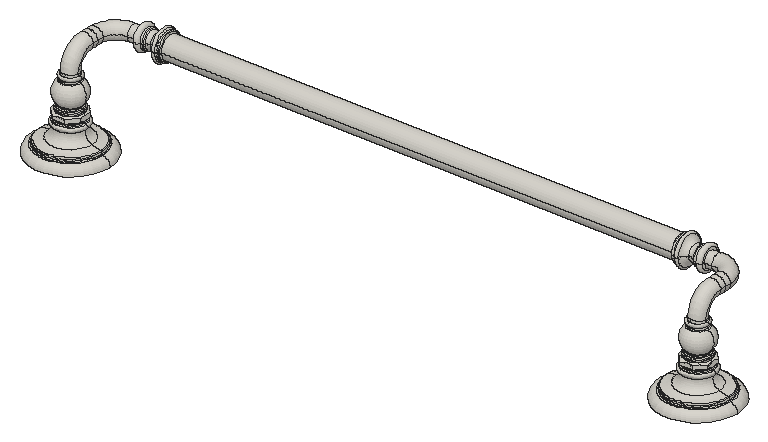
Revit family "Accessory-Towel_Bar-KOHLER-Artifacts-K-72568BR_1", category Specialty Equipment, host Face, Revit 2017
Family settings
  Host = Face
  Round Connector Dimension = Use Diameter
  Part Type = Normal
  OmniClass Number = 23.31.25.25
  OmniClass Title = Towel Bars
  Cut with Voids When Loaded = No
  Shared = No
  Room Calculation Point = No
Parameters (values of type "SN-Vibrant Polished Nickel")
  Width = 24"  # constant formula
  WaterSense Certified = 1 = 0  # no
  URL = "https://br.kohler.com/"
  Type = 1
  Product Page URL = "https://br.kohler.com/product-detail/72568br?skuid=K-72568BR-SN"
  Product Name = "Artifacts"  # constant formula
  Product Documentation Link = ""
  Model = "K-72568BR-SN"  # constant formula
  Material = "Premium Metal Construction"  # constant formula
  Master Format 2014 Name = "Toilet, Bath, and Laundry Accessories"  # constant formula
  Master Format 2014 = "10 28 00"  # constant formula
  Manufacturer Address = "Rio de Janeiro MULTIREPAROS RUA BATISTA DA COSTA, Nº 352 | STORE B Rio de Janeiro SÃO GONÇALO 24450-470"  # constant formula
  Manufacturer = "KOHLER Co."  # constant formula
  Length = 3 1/2"  # constant formula
  Height = 3"  # constant formula
  Finish = Kohler-Metal-SN-Vibrant_Polished_Nickel
  Environmental Product Declaration = ""
  Description = "610mm towel rack"  # constant formula
  Default Elevation = 42"
  Declare Label = ""
  Date Modified = "07/15/2020"  # constant formula
  Date Created = "07/15/2020"  # constant formula
  Copyright = "Copyright KOHLER Co."  # constant formula
  Contact Us = "https://br.kohler.com/asr-listing"
  Assembly Code = "C1030200"
  ADA Compliant = 1 = 0  # no
Reference planes (in)
  plane 1 "Center (Front/Back)": y = 0
  plane 2: z = 0
  plane 3 "Center (Left/Right)": x = 0
  plane 4: y = -1.50093
  plane 5: y = 1.99907
  plane 6: x = -13.50093
  plane 7: x = -12
  plane 8: x = -10.49907
  plane 9: z = 2.91435
  plane 10: z = 0
  plane 11: x = 10.49907
  plane 12: y = 1.49907
  plane 13: y = 2.43316
  plane 14: z = 0.32019
  plane 15: y = 1.41301
  plane 16: y = 1.56497
  plane 17: x = 12
  plane 18: x = 13.50093
  plane 19: z = 3.06591
  plane 20: z = 3.5
  plane 21: z = 4.08565
  plane 22: z = 3.79625
  plane 23: z = 3.20375
  plane 24: y = 2.58512
  plane 25: z = 3.93409
  plane 26: x = -11.7048
  plane 27: x = -12.29529
  plane 28: x = 12.29529
  plane 29: x = 11.7048
  plane 30: y = 2.29533
  plane 31: y = 1.70306
Dimensions and locks (in)
  plane 9 to plane 2 = 2.91435"
  "Width": plane 7 to plane 17
  plane 24 to plane 4 = 4.08605"
  plane 6 to plane 18 = 27.00187"
  "Length": plane 20 to level
  "Height": plane 12 to plane 4
  plane 21 to level = 4.08565"
  aligned and locked: plane 2 to host face
  aligned and locked: level to host face
Automatic sketch dimensions
  host sketch curve to host sketch curve = 96"  (x2)
Nested families (in)
  nested 1: "K-72568BR" at (0, 0, 0), type "K-72568BR"
Definition of nested family "K-72568BR"
  Parameters (values of type "K-72568BR")
    Material = none
  Reference planes (in)
    plane 1 "Center (Front/Back)": y = 0
    plane 2: z = 0
    plane 3 "Center (Left/Right)": x = 0
    plane 4: y = 1.99907
    plane 5: y = -1.50093
    plane 6 "B": x = -12
    plane 7 "C": x = 12
    plane 8 "A": z = 3.5
    plane 9: y = 2.43316
    plane 10: y = 1.56497
    plane 11: y = 2.58512
    plane 12: y = 1.41301
    plane 13: y = 1.70306
    plane 14: y = 2.29533
    plane 15: x = -12.29529
    plane 16: x = -11.7048
    plane 17: x = 11.7048
    plane 18: x = 12.29529
    plane 19: x = -13.50093
    plane 20: x = -10.49907
    plane 21: x = 13.50093
    plane 22: x = 10.49907
    plane 23: z = 3.93409
    plane 24: z = 3.06591
    plane 25: z = 3.79625
    plane 26: z = 3.20375
    plane 27: z = 4.08565
    plane 28: z = 2.91435
    plane 29: y = 1.50093
  Forms (in)
    Revolve 1, solid, material <- "Material", detail levels medium+fine
      sketch origin (0, 0, 0) x (1, 0, 0) y (0, 0, 1)
        loop
          line (-12, 2.71528) -> (-12, 0) -> (-10.49907, 0)
          arc (-10.49907, 0) -> (-10.57054, 0.1994) -> (-10.7524, 0.30799) r 0.31389
          arc (-10.7524, 0.30799) -> (-10.77514, 0.3133) -> (-10.79746, 0.32019) r 0.33281
          arc (-10.79746, 0.32019) -> (-10.81457, 0.33302) -> (-10.82108, 0.35339) r 0.03516
          line (-10.82108, 0.35339) -> (-10.82108, 0.41171)
          arc (-10.82108, 0.41171) -> (-10.8288, 0.43197) -> (-10.84805, 0.44196) r 0.03045
          arc (-10.84805, 0.44196) -> (-11.02743, 0.47459) -> (-11.20101, 0.53036) r 1.39392
          arc (-11.20101, 0.53036) -> (-11.40093, 0.71815) -> (-11.41766, 0.99193) r 0.37177
          arc (-11.41766, 0.99193) -> (-11.40906, 1.00567) -> (-11.39504, 1.0138) r 0.03371
          arc (-11.39504, 1.0138) -> (-11.35097, 1.0821) -> (-11.41237, 1.13536) r 0.06202
          line (-11.41237, 1.13536) -> (-11.45712, 1.13536)
          arc (-11.45712, 1.13536) -> (-11.47922, 1.14452) -> (-11.48837, 1.16661) r 0.03125
          line (-11.48837, 1.16661) -> (-11.48837, 1.2193)
          arc (-11.48837, 1.2193) -> (-11.47622, 1.24925) -> (-11.44663, 1.26225) r 0.04297
          line (-11.44663, 1.26225) -> (-11.35559, 1.32681) -> (-11.35559, 1.40268) -> (-11.50016, 1.48615) -> (-11.53751, 1.48615)
          arc (-11.53751, 1.48615) -> (-11.51654, 1.49483) -> (-11.50786, 1.51579) r 0.02964
          line (-11.50786, 1.51579) -> (-11.50786, 1.5771)
          arc (-11.50786, 1.5771) -> (-11.51697, 1.59909) -> (-11.53896, 1.60819) r 0.0311
          line (-11.53896, 1.60819) -> (-11.57507, 1.60819)
          arc (-11.57507, 1.60819) -> (-11.59717, 1.61735) -> (-11.60632, 1.63944) r 0.03125
          line (-11.60632, 1.63944) -> (-11.60632, 1.68221)
          arc (-11.60632, 1.68221) -> (-11.60079, 1.7072) -> (-11.58523, 1.72752) r 0.05922
          arc (-11.58523, 1.72752) -> (-11.41679, 2.11247) -> (-11.6202, 2.48014) r 0.4743
          arc (-11.6202, 2.48014) -> (-11.63871, 2.50111) -> (-11.64539, 2.52828) r 0.05859
          line (-11.64539, 2.52828) -> (-11.64539, 2.61223)
          arc (-11.64539, 2.61223) -> (-11.6012, 2.66723) -> (-11.65286, 2.71528) r 0.0518
          line (-11.65286, 2.71528) -> (-12, 2.71528)
        axis (-12, 0) -> (-12, 2.71528)
      angle from 0 to 360
    Sweep 2, solid, material <- "Material", detail levels medium+fine
      path origin (0, 0.03576, 3.5) x (0, 1, 0) y (-1, 0, 0)
        loop
          line (1.96331, 10.87008) -> (1.96331, 11.17578)
          arc (1.96331, 11.17578) -> (1.7219, 11.75859) -> (1.13909, 12) r 0.82422
          line (1.13909, 12) -> (0.88909, 12)
      profile origin (-11.02293, 1.99907, 3.5) x (0, -1, 0) y (0, 0, 1)
        loop
          circle (0, 0) r 0.29625
    Revolve 3, solid, material <- "Material", detail levels medium+fine
      sketch origin (0, 0, 3.5) x (0, 1, 0) y (-1, 0, 0)
        loop
          line (1.99907, -10.87008) -> (2.36984, -10.87008)
          arc (2.36984, -10.87008) -> (2.47634, -10.76851) -> (2.37993, -10.65732) r 0.10662
          line (2.37993, -10.65732) -> (2.37993, -10.55096)
          arc (2.37993, -10.55096) -> (2.3751, -10.53201) -> (2.3618, -10.51767) r 0.03963
          arc (2.3618, -10.51767) -> (2.34714, -10.50584) -> (2.33531, -10.49119) r 0.08906
          arc (2.33531, -10.49119) -> (2.2988, -10.3972) -> (2.30242, -10.29642) r 0.24986
          arc (2.30242, -10.29642) -> (2.38658, -10.14924) -> (2.53612, -10.06934) r 0.3064
          arc (2.53612, -10.06934) -> (2.58471, -10.01588) -> (2.54959, -9.95274) r 0.06194
          arc (2.54959, -9.95274) -> (2.52491, -9.93096) -> (2.51573, -9.89935) r 0.05903
          line (2.51573, -9.89935) -> (2.51573, -9.81717)
          arc (2.51573, -9.81717) -> (2.50701, -9.79612) -> (2.48596, -9.7874) r 0.02977
          line (2.48596, -9.7874) -> (2.43316, -9.7874) -> (2.43316, 9.7874) -> (2.48596, 9.7874)
          arc (2.48596, 9.7874) -> (2.50701, 9.79612) -> (2.51573, 9.81717) r 0.02977
          line (2.51573, 9.81717) -> (2.51573, 9.89935)
          arc (2.51573, 9.89935) -> (2.52491, 9.93096) -> (2.54959, 9.95274) r 0.05903
          arc (2.54959, 9.95274) -> (2.58471, 10.01588) -> (2.53612, 10.06934) r 0.06194
          arc (2.53612, 10.06934) -> (2.38658, 10.14924) -> (2.30242, 10.29642) r 0.3064
          arc (2.30242, 10.29642) -> (2.2988, 10.3972) -> (2.33531, 10.49119) r 0.24986
          arc (2.33531, 10.49119) -> (2.34714, 10.50584) -> (2.3618, 10.51767) r 0.08906
          arc (2.3618, 10.51767) -> (2.3751, 10.53201) -> (2.37993, 10.55096) r 0.03963
          line (2.37993, 10.55096) -> (2.37993, 10.65732)
          arc (2.37993, 10.65732) -> (2.47634, 10.76851) -> (2.36984, 10.87008) r 0.10662
          line (2.36984, 10.87008) -> (2.29531, 10.87008) -> (1.99907, 10.87008) -> (1.99907, -10.87008)
        axis (1.99907, 10.87008) -> (1.99907, -10.87008)
      angle from 0 to 360
    Extrusion 4, void
      sketch origin (0, 0, 0) x (1, 0, 0) y (0, 1, 0)
        loop
          line (-12.5625, 0.233) -> (-12.5625, -0.233) -> (-12.233, -0.5625) -> (-11.767, -0.5625) -> (-11.4375, -0.233) -> (-11.4375, 0.233) -> (-11.767, 0.5625) -> (-12.233, 0.5625) -> (-12.5625, 0.233)
        loop
          circle (-12, 0) r 0.8824
      from 1.25114 to 1.48615
    Revolve 5, solid, material <- "Material", detail levels coarse
      sketch origin (0, 0, 0) x (1, 0, 0) y (0, 0, 1)
        loop
          line (-12, 0) -> (-12, 2.71528) -> (-12.60496, 2.71528) -> (-13.50093, 0) -> (-12, 0)
        axis (-12, 0) -> (-12, 2.71528)
      angle from 0 to 360
    Sweep 6, solid, material <- "Material", detail levels medium+fine
      path origin (-12, 0, 0) x (0, 0, -1) y (0, -1, 0)
        loop
          line (-3.5, -0.92485) -> (-3.5, -0.69922)
          arc (-3.5, -0.69922) -> (-3.2952, -0.2048) -> (-2.80078, 0) r 0.69922
          line (-2.80078, 0) -> (-2.71528, 0)
      profile origin (-12, 0, 2.75803) x (-1, 0, 0) y (0, -1, 0)
        loop
          circle (0, 0) r 0.29625
    Sweep 7, solid, material <- "Material", detail levels medium+fine
      path origin (12, 0, 0) x (0, 0, -1) y (0, -1, 0)
        loop
          line (-3.5, -0.92485) -> (-3.5, -0.69922)
          arc (-3.5, -0.69922) -> (-3.2952, -0.2048) -> (-2.80078, 0) r 0.69922
          line (-2.80078, 0) -> (-2.71528, 0)
      profile origin (12, 0, 2.75803) x (-1, 0, 0) y (0, -1, 0)
        loop
          circle (0, 0) r 0.29625
    Sweep 8, solid, material <- "Material", detail levels medium+fine
      path origin (0, 0.03576, 3.5) x (0, 1, 0) y (1, 0, 0)
        loop
          line (1.96331, 10.87008) -> (1.96331, 11.17578)
          arc (1.96331, 11.17578) -> (1.7219, 11.75859) -> (1.13909, 12) r 0.82422
          line (1.13909, 12) -> (0.88909, 12)
      profile origin (11.02293, 1.99907, 3.5) x (0, 1, 0) y (0, 0, 1)
        loop
          circle (0, 0) r 0.29625
    Revolve 9, solid, material <- "Material", detail levels medium+fine
      sketch origin (0, 0, 0) x (-1, 0, 0) y (0, 0, 1)
        loop
          line (-12, 2.71528) -> (-12, 0) -> (-10.49907, 0)
          arc (-10.49907, 0) -> (-10.57054, 0.1994) -> (-10.7524, 0.30799) r 0.31389
          arc (-10.7524, 0.30799) -> (-10.77514, 0.3133) -> (-10.79746, 0.32019) r 0.33281
          arc (-10.79746, 0.32019) -> (-10.81457, 0.33302) -> (-10.82108, 0.35339) r 0.03516
          line (-10.82108, 0.35339) -> (-10.82108, 0.41171)
          arc (-10.82108, 0.41171) -> (-10.8288, 0.43197) -> (-10.84805, 0.44196) r 0.03045
          arc (-10.84805, 0.44196) -> (-11.02743, 0.47459) -> (-11.20101, 0.53036) r 1.39392
          arc (-11.20101, 0.53036) -> (-11.40093, 0.71815) -> (-11.41766, 0.99193) r 0.37177
          arc (-11.41766, 0.99193) -> (-11.40906, 1.00567) -> (-11.39504, 1.0138) r 0.03371
          arc (-11.39504, 1.0138) -> (-11.35097, 1.0821) -> (-11.41237, 1.13536) r 0.06202
          line (-11.41237, 1.13536) -> (-11.45712, 1.13536)
          arc (-11.45712, 1.13536) -> (-11.47922, 1.14452) -> (-11.48837, 1.16661) r 0.03125
          line (-11.48837, 1.16661) -> (-11.48837, 1.2193)
          arc (-11.48837, 1.2193) -> (-11.47622, 1.24925) -> (-11.44663, 1.26225) r 0.04297
          line (-11.44663, 1.26225) -> (-11.35559, 1.32681) -> (-11.35559, 1.40268) -> (-11.50016, 1.48615) -> (-11.53751, 1.48615)
          arc (-11.53751, 1.48615) -> (-11.51654, 1.49483) -> (-11.50786, 1.51579) r 0.02964
          line (-11.50786, 1.51579) -> (-11.50786, 1.5771)
          arc (-11.50786, 1.5771) -> (-11.51697, 1.59909) -> (-11.53896, 1.60819) r 0.0311
          line (-11.53896, 1.60819) -> (-11.57507, 1.60819)
          arc (-11.57507, 1.60819) -> (-11.59717, 1.61735) -> (-11.60632, 1.63944) r 0.03125
          line (-11.60632, 1.63944) -> (-11.60632, 1.68221)
          arc (-11.60632, 1.68221) -> (-11.60079, 1.7072) -> (-11.58523, 1.72752) r 0.05922
          arc (-11.58523, 1.72752) -> (-11.41679, 2.11247) -> (-11.6202, 2.48014) r 0.4743
          arc (-11.6202, 2.48014) -> (-11.63871, 2.50111) -> (-11.64539, 2.52828) r 0.05859
          line (-11.64539, 2.52828) -> (-11.64539, 2.61223)
          arc (-11.64539, 2.61223) -> (-11.6012, 2.66723) -> (-11.65286, 2.71528) r 0.0518
          line (-11.65286, 2.71528) -> (-12, 2.71528)
        axis (-12, 0) -> (-12, 2.71528)
      angle from 0 to 360
    Extrusion 10, void
      sketch origin (0, 0, 0) x (-1, 0, 0) y (0, -1, 0)
        loop
          line (-12.5625, -0.233) -> (-12.233, -0.5625) -> (-11.767, -0.5625) -> (-11.4375, -0.233) -> (-11.4375, 0.233) -> (-11.767, 0.5625) -> (-12.233, 0.5625) -> (-12.5625, 0.233) -> (-12.5625, -0.233)
        loop
          circle (-12, 0) r 0.8824
      from 1.25114 to 1.48615
    Sweep 11, solid, material <- "Material", detail levels coarse
      path origin (0, 0, 0) x (1, 0, 0) y (0, 1, 0)
        loop
          line (12, 0.82355) -> (12, 1.40851)
          arc (12, 1.40851) -> (11.82703, 1.8261) -> (11.40945, 1.99907) r 0.59055
          line (11.40945, 1.99907) -> (-11.40945, 1.99907)
          arc (-11.40945, 1.99907) -> (-11.82703, 1.8261) -> (-12, 1.40851) r 0.59055
          line (-12, 1.40851) -> (-12, 0.82355)
      profile origin (0, 1.99907, 0) x (0, -1, 0) y (0, 0, 1)
        loop
          circle (0, 3.5) r 0.43409
    Sweep 12, solid, material <- "Material", detail levels coarse
      path origin (-12, 0, 0) x (0, 0, -1) y (0, -1, 0)
        loop
          line (-3.5, -0.82355) -> (-3.5, -0.59055)
          arc (-3.5, -0.59055) -> (-3.32703, -0.17297) -> (-2.90945, 0) r 0.59055
          line (-2.90945, 0) -> (-2.71528, 0)
      profile origin (-12, 0.82355, 3.5) x (0, 0, 1) y (-1, 0, 0)
        loop
          circle (0, 0) r 0.43409
    Revolve 13, solid, material <- "Material", detail levels coarse
      sketch origin (0, 0, 0) x (-1, 0, 0) y (0, 0, 1)
        loop
          line (-12, 0) -> (-12, 2.71528) -> (-12.60496, 2.71528) -> (-13.50093, 0) -> (-12, 0)
        axis (-12, 0) -> (-12, 2.71528)
      angle from 0 to 360
    Sweep 14, solid, material <- "Material", detail levels coarse
      path origin (12, 0, 0) x (0, 0, -1) y (0, 1, 0)
        loop
          line (-3.5, 0.82355) -> (-3.5, 0.59055)
          arc (-3.5, 0.59055) -> (-3.32703, 0.17297) -> (-2.90945, 0) r 0.59055
          line (-2.90945, 0) -> (-2.71528, 0)
      profile origin (12, 0.82355, 3.5) x (0, 0, -1) y (1, 0, 0)
        loop
          circle (0, 0) r 0.43409
  Cuts and joins
    Extrusion 10 cuts Revolve 5
    joined: Revolve 5, Sweep 11, Sweep 12, Revolve 13, Sweep 14
    Extrusion 4, Extrusion 10 cuts Revolve 1
    Extrusion 10 cuts Sweep 2
    Extrusion 10 cuts Revolve 3
    Extrusion 10 cuts Sweep 6
    Extrusion 10 cuts Revolve 9
    joined: Revolve 1, Sweep 2, Revolve 3, Sweep 6, Sweep 7, Sweep 8, Revolve 9
  Lines and regions (in)
    Masking region 1
      outline origin (0, 0, 0) x (1, 0, 0) y (0, 0, 1)
        loop
          line (-12, 0) -> (-10.49907, 0)
          arc (-10.49907, 0) -> (-10.57054, 0.1994) -> (-10.7524, 0.30799) r 0.31389
          arc (-10.7524, 0.30799) -> (-10.77514, 0.3133) -> (-10.79746, 0.32019) r 0.33281
          arc (-10.79746, 0.32019) -> (-10.81457, 0.33302) -> (-10.82108, 0.35339) r 0.03516
          line (-10.82108, 0.35339) -> (-10.82108, 0.41171)
          arc (-10.82108, 0.41171) -> (-10.8288, 0.43197) -> (-10.84805, 0.44196) r 0.03045
          arc (-10.84805, 0.44196) -> (-11.02743, 0.47459) -> (-11.20101, 0.53036) r 1.39392
          arc (-11.20101, 0.53036) -> (-11.40093, 0.71815) -> (-11.41766, 0.99193) r 0.37177
          arc (-11.41766, 0.99193) -> (-11.40906, 1.00567) -> (-11.39504, 1.0138) r 0.03371
          arc (-11.39504, 1.0138) -> (-11.35097, 1.0821) -> (-11.41237, 1.13536) r 0.06202
          line (-11.41237, 1.13536) -> (-11.45712, 1.13536)
          arc (-11.45712, 1.13536) -> (-11.47922, 1.14452) -> (-11.48837, 1.16661) r 0.03125
          line (-11.48837, 1.16661) -> (-11.48837, 1.2193)
          arc (-11.48837, 1.2193) -> (-11.48271, 1.24062) -> (-11.46722, 1.25632) r 0.04297
          line (-11.46722, 1.25632) -> (-11.4375, 1.26872) -> (-11.4375, 1.44997) -> (-11.50016, 1.48615) -> (-11.53751, 1.48615)
          arc (-11.53751, 1.48615) -> (-11.51654, 1.49483) -> (-11.50786, 1.51579) r 0.02964
          line (-11.50786, 1.51579) -> (-11.50786, 1.5771)
          arc (-11.50786, 1.5771) -> (-11.51697, 1.59909) -> (-11.53896, 1.60819) r 0.0311
          line (-11.53896, 1.60819) -> (-11.57507, 1.60819)
          arc (-11.57507, 1.60819) -> (-11.59717, 1.61735) -> (-11.60632, 1.63944) r 0.03125
          line (-11.60632, 1.63944) -> (-11.60632, 1.68221)
          arc (-11.60632, 1.68221) -> (-11.60079, 1.7072) -> (-11.58523, 1.72752) r 0.05922
          arc (-11.58523, 1.72752) -> (-11.41679, 2.11247) -> (-11.6202, 2.48014) r 0.4743
          arc (-11.6202, 2.48014) -> (-11.63871, 2.50111) -> (-11.64539, 2.52828) r 0.05859
          line (-11.64539, 2.52828) -> (-11.64539, 2.61223)
          arc (-11.64539, 2.61223) -> (-11.6012, 2.66723) -> (-11.65286, 2.71528) r 0.0518
          line (-11.65286, 2.71528) -> (-11.70375, 2.71528) -> (-11.70375, 3.20375) -> (-10.87008, 3.20375) -> (-10.87008, 3.12923)
          arc (-10.87008, 3.12923) -> (-10.76851, 3.02273) -> (-10.65732, 3.11914) r 0.10662
          line (-10.65732, 3.11914) -> (-10.55096, 3.11914)
          arc (-10.55096, 3.11914) -> (-10.53201, 3.12397) -> (-10.51767, 3.13727) r 0.03963
          arc (-10.51767, 3.13727) -> (-10.50584, 3.15192) -> (-10.49119, 3.16376) r 0.08906
          arc (-10.49119, 3.16376) -> (-10.3972, 3.20027) -> (-10.29642, 3.19665) r 0.24986
          arc (-10.29642, 3.19665) -> (-10.14924, 3.11249) -> (-10.06934, 2.96294) r 0.3064
          arc (-10.06934, 2.96294) -> (-10.01588, 2.91435) -> (-9.95274, 2.94947) r 0.06194
          arc (-9.95274, 2.94947) -> (-9.93096, 2.97416) -> (-9.89935, 2.98333) r 0.05903
          line (-9.89935, 2.98333) -> (-9.81717, 2.98333)
          arc (-9.81717, 2.98333) -> (-9.79612, 2.99205) -> (-9.7874, 3.0131) r 0.02977
          line (-9.7874, 3.0131) -> (-9.7874, 3.06591) -> (9.7874, 3.06591) -> (9.7874, 3.0131)
          arc (9.7874, 3.0131) -> (9.79612, 2.99205) -> (9.81717, 2.98333) r 0.02977
          line (9.81717, 2.98333) -> (9.89935, 2.98333)
          arc (9.89935, 2.98333) -> (9.93096, 2.97416) -> (9.95274, 2.94947) r 0.05903
          arc (9.95274, 2.94947) -> (10.01588, 2.91435) -> (10.06934, 2.96294) r 0.06194
          arc (10.06934, 2.96294) -> (10.14924, 3.11249) -> (10.29642, 3.19665) r 0.3064
          arc (10.29642, 3.19665) -> (10.3972, 3.20027) -> (10.49119, 3.16376) r 0.24986
          arc (10.49119, 3.16376) -> (10.50584, 3.15192) -> (10.51767, 3.13727) r 0.08906
          arc (10.51767, 3.13727) -> (10.53201, 3.12397) -> (10.55096, 3.11914) r 0.03963
          line (10.55096, 3.11914) -> (10.65732, 3.11914)
          arc (10.65732, 3.11914) -> (10.76851, 3.02273) -> (10.87008, 3.12923) r 0.10662
          line (10.87008, 3.12923) -> (10.87008, 3.20375) -> (11.7048, 3.20375) -> (11.7048, 2.71528) -> (11.65286, 2.71528)
          arc (11.65286, 2.71528) -> (11.6012, 2.66723) -> (11.64539, 2.61223) r 0.0518
          line (11.64539, 2.61223) -> (11.64539, 2.52828)
          arc (11.64539, 2.52828) -> (11.63871, 2.50111) -> (11.6202, 2.48014) r 0.05859
          arc (11.6202, 2.48014) -> (11.41679, 2.11247) -> (11.58523, 1.72752) r 0.4743
          arc (11.58523, 1.72752) -> (11.60079, 1.7072) -> (11.60632, 1.68221) r 0.05922
          line (11.60632, 1.68221) -> (11.60632, 1.63944)
          arc (11.60632, 1.63944) -> (11.59717, 1.61735) -> (11.57507, 1.60819) r 0.03125
          line (11.57507, 1.60819) -> (11.53896, 1.60819)
          arc (11.53896, 1.60819) -> (11.51697, 1.59909) -> (11.50786, 1.5771) r 0.0311
          line (11.50786, 1.5771) -> (11.50786, 1.51579)
          arc (11.50786, 1.51579) -> (11.51654, 1.49483) -> (11.53751, 1.48615) r 0.02964
          line (11.53751, 1.48615) -> (11.50016, 1.48615) -> (11.4375, 1.44997) -> (11.4375, 1.26872) -> (11.46722, 1.25632)
          arc (11.46722, 1.25632) -> (11.48271, 1.24062) -> (11.48837, 1.2193) r 0.04297
          line (11.48837, 1.2193) -> (11.48837, 1.16661)
          arc (11.48837, 1.16661) -> (11.47922, 1.14452) -> (11.45712, 1.13536) r 0.03125
          line (11.45712, 1.13536) -> (11.41237, 1.13536)
          arc (11.41237, 1.13536) -> (11.35097, 1.0821) -> (11.39504, 1.0138) r 0.06202
          arc (11.39504, 1.0138) -> (11.40906, 1.00567) -> (11.41766, 0.99193) r 0.03371
          arc (11.41766, 0.99193) -> (11.40093, 0.71815) -> (11.20101, 0.53036) r 0.37177
          arc (11.20101, 0.53036) -> (11.02743, 0.47459) -> (10.84805, 0.44196) r 1.39392
          arc (10.84805, 0.44196) -> (10.8288, 0.43197) -> (10.82108, 0.41171) r 0.03045
          line (10.82108, 0.41171) -> (10.82108, 0.35339)
          arc (10.82108, 0.35339) -> (10.81457, 0.33302) -> (10.79746, 0.32019) r 0.03516
          arc (10.79746, 0.32019) -> (10.77514, 0.3133) -> (10.7524, 0.30799) r 0.33281
          arc (10.7524, 0.30799) -> (10.57054, 0.1994) -> (10.49907, 0) r 0.31389
          line (10.49907, 0) -> (12, 0) -> (13.50093, 0)
          arc (13.50093, 0) -> (13.42946, 0.1994) -> (13.2476, 0.30799) r 0.31389
          arc (13.2476, 0.30799) -> (13.22486, 0.3133) -> (13.20254, 0.32019) r 0.33281
          arc (13.20254, 0.32019) -> (13.18543, 0.33302) -> (13.17892, 0.35339) r 0.03516
          line (13.17892, 0.35339) -> (13.17892, 0.41171)
          arc (13.17892, 0.41171) -> (13.1712, 0.43197) -> (13.15195, 0.44196) r 0.03045
          arc (13.15195, 0.44196) -> (12.97257, 0.47459) -> (12.79899, 0.53036) r 1.39392
          arc (12.79899, 0.53036) -> (12.59907, 0.71815) -> (12.58234, 0.99193) r 0.37177
          arc (12.58234, 0.99193) -> (12.59094, 1.00567) -> (12.60496, 1.0138) r 0.03371
          arc (12.60496, 1.0138) -> (12.64903, 1.0821) -> (12.58763, 1.13536) r 0.06202
          line (12.58763, 1.13536) -> (12.54288, 1.13536)
          arc (12.54288, 1.13536) -> (12.52078, 1.14452) -> (12.51163, 1.16661) r 0.03125
          line (12.51163, 1.16661) -> (12.51163, 1.2193)
          arc (12.51163, 1.2193) -> (12.51729, 1.24062) -> (12.53278, 1.25632) r 0.04297
          line (12.53278, 1.25632) -> (12.5625, 1.26872) -> (12.5625, 1.44997) -> (12.49984, 1.48615) -> (12.46249, 1.48615)
          arc (12.46249, 1.48615) -> (12.48346, 1.49483) -> (12.49214, 1.51579) r 0.02964
          line (12.49214, 1.51579) -> (12.49214, 1.5771)
          arc (12.49214, 1.5771) -> (12.48303, 1.59909) -> (12.46104, 1.60819) r 0.0311
          line (12.46104, 1.60819) -> (12.42493, 1.60819)
          arc (12.42493, 1.60819) -> (12.40283, 1.61735) -> (12.39368, 1.63944) r 0.03125
          line (12.39368, 1.63944) -> (12.39368, 1.68221)
          arc (12.39368, 1.68221) -> (12.39921, 1.7072) -> (12.41477, 1.72752) r 0.05922
          arc (12.41477, 1.72752) -> (12.58321, 2.11247) -> (12.3798, 2.48014) r 0.4743
          arc (12.3798, 2.48014) -> (12.36129, 2.50111) -> (12.35461, 2.52828) r 0.05859
          line (12.35461, 2.52828) -> (12.35461, 2.61223)
          arc (12.35461, 2.61223) -> (12.3988, 2.66723) -> (12.34714, 2.71528) r 0.0518
          line (12.34714, 2.71528) -> (12.29529, 2.71528) -> (12.29529, 3.5)
          arc (12.29529, 3.5) -> (12.20818, 3.70982) -> (11.99808, 3.79625) r 0.29625
          line (11.99808, 3.79625) -> (10.87008, 3.79625) -> (10.87008, 3.87077)
          arc (10.87008, 3.87077) -> (10.76851, 3.97727) -> (10.65732, 3.88086) r 0.10662
          line (10.65732, 3.88086) -> (10.55096, 3.88086)
          arc (10.55096, 3.88086) -> (10.53201, 3.87603) -> (10.51767, 3.86273) r 0.03963
          arc (10.51767, 3.86273) -> (10.50584, 3.84808) -> (10.49119, 3.83624) r 0.08906
          arc (10.49119, 3.83624) -> (10.3972, 3.79973) -> (10.29642, 3.80335) r 0.24986
          arc (10.29642, 3.80335) -> (10.14924, 3.88751) -> (10.06934, 4.03706) r 0.3064
          arc (10.06934, 4.03706) -> (10.01588, 4.08565) -> (9.95274, 4.05053) r 0.06194
          arc (9.95274, 4.05053) -> (9.93096, 4.02584) -> (9.89935, 4.01667) r 0.05903
          line (9.89935, 4.01667) -> (9.81717, 4.01667)
          arc (9.81717, 4.01667) -> (9.79612, 4.00795) -> (9.7874, 3.9869) r 0.02977
          line (9.7874, 3.9869) -> (9.7874, 3.93409) -> (-9.7874, 3.93409) -> (-9.7874, 3.9869)
          arc (-9.7874, 3.9869) -> (-9.79612, 4.00795) -> (-9.81717, 4.01667) r 0.02977
          line (-9.81717, 4.01667) -> (-9.89935, 4.01667)
          arc (-9.89935, 4.01667) -> (-9.93096, 4.02584) -> (-9.95274, 4.05053) r 0.05903
          arc (-9.95274, 4.05053) -> (-10.01588, 4.08565) -> (-10.06934, 4.03706) r 0.06194
          arc (-10.06934, 4.03706) -> (-10.14924, 3.88751) -> (-10.29642, 3.80335) r 0.3064
          arc (-10.29642, 3.80335) -> (-10.3972, 3.79973) -> (-10.49119, 3.83624) r 0.24986
          arc (-10.49119, 3.83624) -> (-10.50584, 3.84808) -> (-10.51767, 3.86273) r 0.08906
          arc (-10.51767, 3.86273) -> (-10.53201, 3.87603) -> (-10.55096, 3.88086) r 0.03963
          line (-10.55096, 3.88086) -> (-10.65732, 3.88086)
          arc (-10.65732, 3.88086) -> (-10.76851, 3.97727) -> (-10.87008, 3.87077) r 0.10662
          line (-10.87008, 3.87077) -> (-10.87008, 3.79625) -> (-11.99904, 3.79625)
          arc (-11.99904, 3.79625) -> (-12.20914, 3.70982) -> (-12.29625, 3.5) r 0.29625
          line (-12.29625, 3.5) -> (-12.29625, 2.71528) -> (-12.34714, 2.71528)
          arc (-12.34714, 2.71528) -> (-12.3988, 2.66723) -> (-12.35461, 2.61223) r 0.0518
          line (-12.35461, 2.61223) -> (-12.35461, 2.52828)
          arc (-12.35461, 2.52828) -> (-12.36129, 2.50111) -> (-12.3798, 2.48014) r 0.05859
          arc (-12.3798, 2.48014) -> (-12.58321, 2.11247) -> (-12.41477, 1.72752) r 0.4743
          arc (-12.41477, 1.72752) -> (-12.39921, 1.7072) -> (-12.39368, 1.68221) r 0.05922
          line (-12.39368, 1.68221) -> (-12.39368, 1.63944)
          arc (-12.39368, 1.63944) -> (-12.40283, 1.61735) -> (-12.42493, 1.60819) r 0.03125
          line (-12.42493, 1.60819) -> (-12.46104, 1.60819)
          arc (-12.46104, 1.60819) -> (-12.48303, 1.59909) -> (-12.49214, 1.5771) r 0.0311
          line (-12.49214, 1.5771) -> (-12.49214, 1.51579)
          arc (-12.49214, 1.51579) -> (-12.48346, 1.49483) -> (-12.46249, 1.48615) r 0.02964
          line (-12.46249, 1.48615) -> (-12.49984, 1.48615) -> (-12.5625, 1.44997) -> (-12.5625, 1.26872) -> (-12.53278, 1.25632)
          arc (-12.53278, 1.25632) -> (-12.51729, 1.24062) -> (-12.51163, 1.2193) r 0.04297
          line (-12.51163, 1.2193) -> (-12.51163, 1.16661)
          arc (-12.51163, 1.16661) -> (-12.52078, 1.14452) -> (-12.54288, 1.13536) r 0.03125
          line (-12.54288, 1.13536) -> (-12.58763, 1.13536)
          arc (-12.58763, 1.13536) -> (-12.64903, 1.0821) -> (-12.60496, 1.0138) r 0.06202
          arc (-12.60496, 1.0138) -> (-12.59094, 1.00567) -> (-12.58234, 0.99193) r 0.03371
          arc (-12.58234, 0.99193) -> (-12.59907, 0.71815) -> (-12.79899, 0.53036) r 0.37177
          arc (-12.79899, 0.53036) -> (-12.97257, 0.47459) -> (-13.15195, 0.44196) r 1.39392
          arc (-13.15195, 0.44196) -> (-13.1712, 0.43197) -> (-13.17892, 0.41171) r 0.03045
          line (-13.17892, 0.41171) -> (-13.17892, 0.35339)
          arc (-13.17892, 0.35339) -> (-13.18543, 0.33302) -> (-13.20254, 0.32019) r 0.03516
          arc (-13.20254, 0.32019) -> (-13.22486, 0.3133) -> (-13.2476, 0.30799) r 0.33281
          arc (-13.2476, 0.30799) -> (-13.42946, 0.1994) -> (-13.50093, 0) r 0.31389
          line (-13.50093, 0) -> (-12, 0)
    Masking region 2
      outline origin (0, 0, 0) x (0, 1, 0) y (0, 0, 1)
        loop
          line (0, 0) -> (1.50093, 0)
          arc (1.50093, 0) -> (1.42946, 0.1994) -> (1.2476, 0.30799) r 0.31389
          arc (1.2476, 0.30799) -> (1.22486, 0.3133) -> (1.20254, 0.32019) r 0.33281
          arc (1.20254, 0.32019) -> (1.18543, 0.33302) -> (1.17892, 0.35339) r 0.03516
          line (1.17892, 0.35339) -> (1.17892, 0.41171)
          arc (1.17892, 0.41171) -> (1.1712, 0.43197) -> (1.15195, 0.44196) r 0.03045
          arc (1.15195, 0.44196) -> (0.97257, 0.47459) -> (0.79899, 0.53036) r 1.39392
          arc (0.79899, 0.53036) -> (0.59907, 0.71815) -> (0.58234, 0.99193) r 0.37177
          arc (0.58234, 0.99193) -> (0.59094, 1.00567) -> (0.60496, 1.0138) r 0.03371
          arc (0.60496, 1.0138) -> (0.64903, 1.0821) -> (0.58763, 1.13536) r 0.06202
          line (0.58763, 1.13536) -> (0.54288, 1.13536)
          arc (0.54288, 1.13536) -> (0.52078, 1.14452) -> (0.51163, 1.16661) r 0.03125
          line (0.51163, 1.16661) -> (0.51163, 1.2193)
          arc (0.51163, 1.2193) -> (0.51671, 1.23957) -> (0.53076, 1.25505) r 0.04297
          line (0.53076, 1.25505) -> (0.5625, 1.26873) -> (0.5625, 1.44997) -> (0.49984, 1.48615) -> (0.46249, 1.48615)
          arc (0.46249, 1.48615) -> (0.48346, 1.49483) -> (0.49214, 1.51579) r 0.02964
          line (0.49214, 1.51579) -> (0.49214, 1.5771)
          arc (0.49214, 1.5771) -> (0.48303, 1.59909) -> (0.46104, 1.60819) r 0.0311
          line (0.46104, 1.60819) -> (0.42493, 1.60819)
          arc (0.42493, 1.60819) -> (0.40283, 1.61735) -> (0.39368, 1.63944) r 0.03125
          line (0.39368, 1.63944) -> (0.39368, 1.68221)
          arc (0.39368, 1.68221) -> (0.39921, 1.7072) -> (0.41477, 1.72752) r 0.05922
          arc (0.41477, 1.72752) -> (0.58321, 2.11247) -> (0.3798, 2.48014) r 0.4743
          arc (0.3798, 2.48014) -> (0.36129, 2.50111) -> (0.35461, 2.52828) r 0.05859
          line (0.35461, 2.52828) -> (0.35461, 2.61223)
          arc (0.35461, 2.61223) -> (0.3988, 2.66723) -> (0.34714, 2.71528) r 0.0518
          line (0.34714, 2.71528) -> (0.29625, 2.71528) -> (0.29625, 2.82558)
          arc (0.29625, 2.82558) -> (0.42429, 3.09453) -> (0.70142, 3.20377) r 0.40613
          line (0.70142, 3.20377) -> (1.49347, 3.20377)
          arc (1.49347, 3.20377) -> (2.58505, 3.5) -> (1.49347, 3.79623) r 0.58599
          line (1.49347, 3.79623) -> (0.70168, 3.79483)
          arc (0.70168, 3.79483) -> (-0.00364, 3.50483) -> (-0.2961, 2.80051) r 0.99432
          line (-0.2961, 2.80051) -> (-0.2961, 2.71528) -> (-0.34714, 2.71528)
          arc (-0.34714, 2.71528) -> (-0.3988, 2.66723) -> (-0.35461, 2.61223) r 0.0518
          line (-0.35461, 2.61223) -> (-0.35461, 2.52828)
          arc (-0.35461, 2.52828) -> (-0.36129, 2.50111) -> (-0.3798, 2.48014) r 0.05859
          arc (-0.3798, 2.48014) -> (-0.58321, 2.11247) -> (-0.41477, 1.72752) r 0.4743
          arc (-0.41477, 1.72752) -> (-0.39921, 1.7072) -> (-0.39368, 1.68221) r 0.05922
          line (-0.39368, 1.68221) -> (-0.39368, 1.63944)
          arc (-0.39368, 1.63944) -> (-0.40283, 1.61735) -> (-0.42493, 1.60819) r 0.03125
          line (-0.42493, 1.60819) -> (-0.46104, 1.60819)
          arc (-0.46104, 1.60819) -> (-0.48303, 1.59909) -> (-0.49214, 1.5771) r 0.0311
          line (-0.49214, 1.5771) -> (-0.49214, 1.51579)
          arc (-0.49214, 1.51579) -> (-0.48346, 1.49483) -> (-0.46249, 1.48615) r 0.02964
          line (-0.46249, 1.48615) -> (-0.49984, 1.48615) -> (-0.5625, 1.44997) -> (-0.5625, 1.26873) -> (-0.53076, 1.25505)
          arc (-0.53076, 1.25505) -> (-0.51671, 1.23957) -> (-0.51163, 1.2193) r 0.04297
          line (-0.51163, 1.2193) -> (-0.51163, 1.16661)
          arc (-0.51163, 1.16661) -> (-0.52078, 1.14452) -> (-0.54288, 1.13536) r 0.03125
          line (-0.54288, 1.13536) -> (-0.58763, 1.13536)
          arc (-0.58763, 1.13536) -> (-0.64903, 1.0821) -> (-0.60496, 1.0138) r 0.06202
          arc (-0.60496, 1.0138) -> (-0.59094, 1.00567) -> (-0.58234, 0.99193) r 0.03371
          arc (-0.58234, 0.99193) -> (-0.59907, 0.71815) -> (-0.79899, 0.53036) r 0.37177
          arc (-0.79899, 0.53036) -> (-0.97257, 0.47459) -> (-1.15195, 0.44196) r 1.39392
          arc (-1.15195, 0.44196) -> (-1.1712, 0.43197) -> (-1.17892, 0.41171) r 0.03045
          line (-1.17892, 0.41171) -> (-1.17892, 0.35339)
          arc (-1.17892, 0.35339) -> (-1.18543, 0.33302) -> (-1.20254, 0.32019) r 0.03516
          arc (-1.20254, 0.32019) -> (-1.22486, 0.3133) -> (-1.2476, 0.30799) r 0.33281
          arc (-1.2476, 0.30799) -> (-1.42946, 0.1994) -> (-1.50093, 0) r 0.31389
          line (-1.50093, 0) -> (0, 0)
    Masking region 3
      outline origin (0, 0, 0) x (1, 0, 0) y (0, 1, 0)
        loop
          line (-10.87008, 2.36984) -> (-10.87008, 2.29533) -> (-11.23211, 2.29533)
          arc (-11.23211, 2.29533) -> (-11.87444, 2.05219) -> (-12.25406, 1.47984) r 1.11993
          arc (-12.25406, 1.47984) -> (-12.06275, -1.49974) -> (-11.62437, 1.45362) r 1.50124
          arc (-11.62437, 1.45362) -> (-11.43172, 1.63653) -> (-11.17453, 1.70306) r 0.53033
          line (-11.17453, 1.70306) -> (-10.87008, 1.70306) -> (-10.87008, 1.62829)
          arc (-10.87008, 1.62829) -> (-10.76851, 1.52179) -> (-10.65732, 1.6182) r 0.10662
          line (-10.65732, 1.6182) -> (-10.55096, 1.6182)
          arc (-10.55096, 1.6182) -> (-10.53201, 1.62303) -> (-10.51767, 1.63633) r 0.03963
          arc (-10.51767, 1.63633) -> (-10.50584, 1.65099) -> (-10.49119, 1.66282) r 0.08906
          arc (-10.49119, 1.66282) -> (-10.3972, 1.69933) -> (-10.29642, 1.69571) r 0.24986
          arc (-10.29642, 1.69571) -> (-10.14924, 1.61155) -> (-10.06934, 1.46201) r 0.3064
          arc (-10.06934, 1.46201) -> (-10.01588, 1.41342) -> (-9.95274, 1.44854) r 0.06194
          arc (-9.95274, 1.44854) -> (-9.93096, 1.47322) -> (-9.89935, 1.4824) r 0.05903
          line (-9.89935, 1.4824) -> (-9.81717, 1.4824)
          arc (-9.81717, 1.4824) -> (-9.79612, 1.49112) -> (-9.7874, 1.51217) r 0.02977
          line (-9.7874, 1.51217) -> (-9.7874, 1.56497) -> (9.7874, 1.56497) -> (9.7874, 1.51217)
          arc (9.7874, 1.51217) -> (9.79612, 1.49112) -> (9.81717, 1.4824) r 0.02977
          line (9.81717, 1.4824) -> (9.89935, 1.4824)
          arc (9.89935, 1.4824) -> (9.93096, 1.47322) -> (9.95274, 1.44854) r 0.05903
          arc (9.95274, 1.44854) -> (10.01588, 1.41342) -> (10.06934, 1.46201) r 0.06194
          arc (10.06934, 1.46201) -> (10.14924, 1.61155) -> (10.29642, 1.69571) r 0.3064
          arc (10.29642, 1.69571) -> (10.3972, 1.69933) -> (10.49119, 1.66282) r 0.24986
          arc (10.49119, 1.66282) -> (10.50584, 1.65099) -> (10.51767, 1.63633) r 0.08906
          arc (10.51767, 1.63633) -> (10.53201, 1.62303) -> (10.55096, 1.6182) r 0.03963
          line (10.55096, 1.6182) -> (10.65732, 1.6182)
          arc (10.65732, 1.6182) -> (10.76851, 1.52179) -> (10.87008, 1.62829) r 0.10662
          line (10.87008, 1.62829) -> (10.87008, 1.70306) -> (11.17449, 1.70306)
          arc (11.17449, 1.70306) -> (11.43189, 1.6364) -> (11.62458, 1.45317) r 0.53028
          arc (11.62458, 1.45317) -> (12.06237, -1.49975) -> (12.25335, 1.47933) r 1.50096
          arc (12.25335, 1.47933) -> (11.85177, 2.06827) -> (11.17607, 2.29528) r 1.11913
          line (11.17607, 2.29528) -> (10.87008, 2.29528) -> (10.87008, 2.36984)
          arc (10.87008, 2.36984) -> (10.76851, 2.47634) -> (10.65732, 2.37993) r 0.10662
          line (10.65732, 2.37993) -> (10.55096, 2.37993)
          arc (10.55096, 2.37993) -> (10.53201, 2.3751) -> (10.51767, 2.3618) r 0.03963
          arc (10.51767, 2.3618) -> (10.50584, 2.34714) -> (10.49119, 2.33531) r 0.08906
          arc (10.49119, 2.33531) -> (10.3972, 2.2988) -> (10.29642, 2.30242) r 0.24986
          arc (10.29642, 2.30242) -> (10.14924, 2.38658) -> (10.06934, 2.53612) r 0.3064
          arc (10.06934, 2.53612) -> (10.01588, 2.58471) -> (9.95274, 2.54959) r 0.06194
          arc (9.95274, 2.54959) -> (9.93096, 2.52491) -> (9.89935, 2.51573) r 0.05903
          line (9.89935, 2.51573) -> (9.81717, 2.51573)
          arc (9.81717, 2.51573) -> (9.79612, 2.50701) -> (9.7874, 2.48596) r 0.02977
          line (9.7874, 2.48596) -> (9.7874, 2.43316) -> (-9.7874, 2.43316) -> (-9.7874, 2.48596)
          arc (-9.7874, 2.48596) -> (-9.79612, 2.50701) -> (-9.81717, 2.51573) r 0.02977
          line (-9.81717, 2.51573) -> (-9.89935, 2.51573)
          arc (-9.89935, 2.51573) -> (-9.93096, 2.52491) -> (-9.95274, 2.54959) r 0.05903
          arc (-9.95274, 2.54959) -> (-10.01588, 2.58471) -> (-10.06934, 2.53612) r 0.06194
          arc (-10.06934, 2.53612) -> (-10.14924, 2.38658) -> (-10.29642, 2.30242) r 0.3064
          arc (-10.29642, 2.30242) -> (-10.3972, 2.2988) -> (-10.49119, 2.33531) r 0.24986
          arc (-10.49119, 2.33531) -> (-10.50584, 2.34714) -> (-10.51767, 2.3618) r 0.08906
          arc (-10.51767, 2.3618) -> (-10.53201, 2.3751) -> (-10.55096, 2.37993) r 0.03963
          line (-10.55096, 2.37993) -> (-10.65732, 2.37993)
          arc (-10.65732, 2.37993) -> (-10.76851, 2.47634) -> (-10.87008, 2.36984) r 0.10662
    symbolic lines, detail levels medium+fine
      curve 1: line (-12.54699, 0, 1.26225) -> (-11.45301, 0, 1.26225)
      curve 2: spline (-11.4375, 0, 1.30159) -> (-11.46441, 0, 1.29159) -> (-11.49161, 0, 1.28338) -> (-11.51906, 0, 1.27698) -> (-11.54669, 0, 1.2724) -> (-11.57444, 0, 1.26964) -> (-11.60225, 0, 1.26872) -> (-11.63006, 0, 1.26964) -> (-11.65781, 0, 1.2724) -> (-11.68544, 0, 1.27698) -> (-11.71289, 0, 1.28338) -> (-11.7401, 0, 1.29159) -> (-11.767, 0, 1.30159)
      curve 3: arc (-11.767, 0, 1.30159) -> (-12, 0, 1.26872) -> (-12.233, 0, 1.30159) r 0.84235
      curve 4: spline (-12.233, 0, 1.30159) -> (-12.2599, 0, 1.29159) -> (-12.28711, 0, 1.28338) -> (-12.31456, 0, 1.27698) -> (-12.34219, 0, 1.2724) -> (-12.36994, 0, 1.26964) -> (-12.39775, 0, 1.26872) -> (-12.42556, 0, 1.26964) -> (-12.45331, 0, 1.2724) -> (-12.48094, 0, 1.27698) -> (-12.50839, 0, 1.28338) -> (-12.53559, 0, 1.29159) -> (-12.5625, 0, 1.30159)
      curve 5: line (-12.5625, 0, 1.30159) -> (-12.5625, 0, 1.26872)
      curve 6: spline (-12.5625, 0, 1.42321) -> (-12.53541, 0, 1.43136) -> (-12.50812, 0, 1.43805) -> (-12.48067, 0, 1.44326) -> (-12.45309, 0, 1.44698) -> (-12.42544, 0, 1.44922) -> (-12.39775, 0, 1.44997) -> (-12.37005, 0, 1.44922) -> (-12.3424, 0, 1.44698) -> (-12.31483, 0, 1.44326) -> (-12.28738, 0, 1.43805) -> (-12.26009, 0, 1.43136) -> (-12.233, 0, 1.42321)
      curve 7: arc (-12.233, 0, 1.42321) -> (-12, 0, 1.44997) -> (-11.767, 0, 1.42321) r 1.0278
      curve 8: spline (-11.767, 0, 1.42321) -> (-11.73991, 0, 1.43136) -> (-11.71262, 0, 1.43805) -> (-11.68517, 0, 1.44326) -> (-11.6576, 0, 1.44698) -> (-11.62995, 0, 1.44922) -> (-11.60225, 0, 1.44997) -> (-11.57456, 0, 1.44922) -> (-11.54691, 0, 1.44698) -> (-11.51933, 0, 1.44326) -> (-11.49188, 0, 1.43805) -> (-11.46459, 0, 1.43136) -> (-11.4375, 0, 1.42321)
      curve 9: line (-12.233, 0, 1.42321) -> (-12.233, 0, 1.30159)
      curve 10: line (-11.767, 0, 1.42321) -> (-11.767, 0, 1.30159)
      curve 11: line (-12.46249, 0, 1.48615) -> (-11.53751, 0, 1.48615)
      curve 12: line (-12.42493, 0, 1.60819) -> (-11.57507, 0, 1.60819)
      curve 13: line (-12.54288, 0, 1.13536) -> (-11.45712, 0, 1.13536)
      curve 14: line (-12.60496, 0, 1.0138) -> (-11.39504, 0, 1.0138)
      curve 15: line (-13.15195, 0, 0.44196) -> (-10.84805, 0, 0.44196)
      curve 16: line (-13.20254, 0, 0.32019) -> (-10.79746, 0, 0.32019)
      curve 17: line (-12.39368, 0, 1.68221) -> (-11.60632, 0, 1.68221)
      curve 18: line (12.54699, 0, 1.26225) -> (11.45301, 0, 1.26225)
      curve 19: spline (11.4375, 0, 1.30159) -> (11.46441, 0, 1.29159) -> (11.49161, 0, 1.28338) -> (11.51906, 0, 1.27698) -> (11.54669, 0, 1.2724) -> (11.57444, 0, 1.26964) -> (11.60225, 0, 1.26872) -> (11.63006, 0, 1.26964) -> (11.65781, 0, 1.2724) -> (11.68544, 0, 1.27698) -> (11.71289, 0, 1.28338) -> (11.7401, 0, 1.29159) -> (11.767, 0, 1.30159)
      curve 20: arc (11.767, 0, 1.30159) -> (12, 0, 1.26872) -> (12.233, 0, 1.30159) r 0.84235
      curve 21: spline (12.233, 0, 1.30159) -> (12.2599, 0, 1.29159) -> (12.28711, 0, 1.28338) -> (12.31456, 0, 1.27698) -> (12.34219, 0, 1.2724) -> (12.36994, 0, 1.26964) -> (12.39775, 0, 1.26872) -> (12.42556, 0, 1.26964) -> (12.45331, 0, 1.2724) -> (12.48094, 0, 1.27698) -> (12.50839, 0, 1.28338) -> (12.53559, 0, 1.29159) -> (12.5625, 0, 1.30159)
      curve 22: line (12.5625, 0, 1.30159) -> (12.5625, 0, 1.26872)
      curve 23: spline (12.5625, 0, 1.42321) -> (12.53541, 0, 1.43136) -> (12.50812, 0, 1.43805) -> (12.48067, 0, 1.44326) -> (12.45309, 0, 1.44698) -> (12.42544, 0, 1.44922) -> (12.39775, 0, 1.44997) -> (12.37005, 0, 1.44922) -> (12.3424, 0, 1.44698) -> (12.31483, 0, 1.44326) -> (12.28738, 0, 1.43805) -> (12.26009, 0, 1.43136) -> (12.233, 0, 1.42321)
      curve 24: arc (12.233, 0, 1.42321) -> (12, 0, 1.44997) -> (11.767, 0, 1.42321) r 1.0278
      curve 25: spline (11.767, 0, 1.42321) -> (11.73991, 0, 1.43136) -> (11.71262, 0, 1.43805) -> (11.68517, 0, 1.44326) -> (11.6576, 0, 1.44698) -> (11.62995, 0, 1.44922) -> (11.60225, 0, 1.44997) -> (11.57456, 0, 1.44922) -> (11.54691, 0, 1.44698) -> (11.51933, 0, 1.44326) -> (11.49188, 0, 1.43805) -> (11.46459, 0, 1.43136) -> (11.4375, 0, 1.42321)
      curve 26: line (12.233, 0, 1.42321) -> (12.233, 0, 1.30159)
      curve 27: line (11.767, 0, 1.42321) -> (11.767, 0, 1.30159)
      curve 28: line (12.46249, 0, 1.48615) -> (11.53751, 0, 1.48615)
      curve 29: line (12.42493, 0, 1.60819) -> (11.57507, 0, 1.60819)
      curve 30: line (12.54288, 0, 1.13536) -> (11.45712, 0, 1.13536)
      curve 31: line (12.60496, 0, 1.0138) -> (11.39504, 0, 1.0138)
      curve 32: line (13.15195, 0, 0.44196) -> (10.84805, 0, 0.44196)
      curve 33: line (13.20254, 0, 0.32019) -> (10.79746, 0, 0.32019)
      curve 34: line (12.39368, 0, 1.68221) -> (11.60632, 0, 1.68221)
      curve 35: line (0, 1.20254, 0.32019) -> (0, -1.20254, 0.32019)
      curve 36: line (0, 1.15195, 0.44196) -> (0, -1.15195, 0.44196)
      curve 37: line (0, 0.60496, 1.0138) -> (0, -0.60496, 1.0138)
      curve 38: line (0, 0.54288, 1.13536) -> (0, -0.54288, 1.13536)
      curve 39: arc (0, 0, 1.26872) -> (0, 0.1176, 1.27735) -> (0, 0.233, 1.30159) r 0.88158
      curve 40: spline (0, 0.233, 1.30159) -> (0, 0.2599, 1.29159) -> (0, 0.28711, 1.28338) -> (0, 0.31456, 1.27698) -> (0, 0.34219, 1.2724) -> (0, 0.36994, 1.26964) -> (0, 0.39775, 1.26872) -> (0, 0.42556, 1.26964) -> (0, 0.45331, 1.2724) -> (0, 0.48094, 1.27698) -> (0, 0.50839, 1.28338) -> (0, 0.53559, 1.29159) -> (0, 0.5625, 1.30159)
      curve 41: spline (0, -0.5625, 1.30159) -> (0, -0.53559, 1.29159) -> (0, -0.50839, 1.28338) -> (0, -0.48094, 1.27698) -> (0, -0.45331, 1.2724) -> (0, -0.42556, 1.26964) -> (0, -0.39775, 1.26872) -> (0, -0.36994, 1.26964) -> (0, -0.34219, 1.2724) -> (0, -0.31456, 1.27698) -> (0, -0.28711, 1.28338) -> (0, -0.2599, 1.29159) -> (0, -0.233, 1.30159)
      curve 42: arc (0, -0.233, 1.30159) -> (0, -0.1176, 1.27735) -> (0, 0, 1.26872) r 0.88158
      curve 43: line (0, 0, 1.48615) -> (0, 0, 1.44997)
      curve 44: arc (0, 0, 1.44997) -> (0, -0.11723, 1.44299) -> (0, -0.233, 1.42321) r 1.07036
      curve 45: spline (0, -0.233, 1.42321) -> (0, -0.26009, 1.43136) -> (0, -0.28738, 1.43805) -> (0, -0.31483, 1.44326) -> (0, -0.3424, 1.44698) -> (0, -0.37005, 1.44922) -> (0, -0.39775, 1.44997) -> (0, -0.42544, 1.44922) -> (0, -0.45309, 1.44698) -> (0, -0.48067, 1.44326) -> (0, -0.50812, 1.43805) -> (0, -0.53541, 1.43136) -> (0, -0.5625, 1.42321)
      curve 46: spline (0, 0.5625, 1.42321) -> (0, 0.53541, 1.43136) -> (0, 0.50812, 1.43805) -> (0, 0.48067, 1.44326) -> (0, 0.45309, 1.44698) -> (0, 0.42544, 1.44922) -> (0, 0.39775, 1.44997) -> (0, 0.37005, 1.44922) -> (0, 0.3424, 1.44698) -> (0, 0.31483, 1.44326) -> (0, 0.28738, 1.43805) -> (0, 0.26009, 1.43136) -> (0, 0.233, 1.42321)
      curve 47: arc (0, 0.233, 1.42321) -> (0, 0.11723, 1.44299) -> (0, 0, 1.44997) r 1.07036
      curve 48: line (0, 0, 1.44997) -> (0, 0, 1.48615)
      curve 49: line (0, 0.233, 1.42321) -> (0, 0.233, 1.30159)
      curve 50: line (0, -0.233, 1.30159) -> (0, -0.233, 1.42321)
      curve 51: line (0, -0.46249, 1.48615) -> (0, 0.46249, 1.48615)
      curve 52: line (0, 0.42493, 1.60819) -> (0, -0.42493, 1.60819)
      curve 53: line (0, 0.41477, 1.72752) -> (0, -0.41477, 1.72752)
      curve 54: line (0, 0.35461, 2.52828) -> (0, -0.35461, 2.52828)
      curve 55: line (0, 0.35461, 2.61223) -> (0, -0.35461, 2.61223)
      curve 56: line (0, 0.29529, 2.71528) -> (0, -0.29529, 2.71528)
      curve 57: line (0, 0.54747, 1.26225) -> (0, -0.54747, 1.26225)
      curve 58: line (-10.87008, 2.29531, 0) -> (-10.87008, 1.70282, 0)
      curve 59: line (-10.65732, 2.37993, 0) -> (-10.65732, 1.6182, 0)
      curve 60: line (-10.51767, 1.63633, 0) -> (-10.51767, 2.3618, 0)
      curve 61: line (-10.06934, 2.53612, 0) -> (-10.06934, 1.46201, 0)
      curve 62: line (-9.95274, 1.44854, 0) -> (-9.95274, 2.54959, 0)
      curve 63: line (-9.7874, 2.43316, 0) -> (-9.7874, 1.56497, 0)
      curve 64: line (-12.29529, 0, 0) -> (-12.29529, 1.20508, 0)
      curve 65: line (-11.7048, 0, 0) -> (-11.7048, 1.17583, 0)
      curve 66: arc (-11.7048, 0, 0) -> (-12.00004, -0.29525, 0) -> (-12.29529, 0, 0) r 0.29525
      curve 67: arc (-12.29529, 0.26919, 0) -> (-12.00003, -0.39953, 0) -> (-11.7048, 0.2692, 0) r 0.39954
      curve 68: arc (-12.29529, 0.50331, 0) -> (-12.00004, -0.58352, 0) -> (-11.7048, 0.50331, 0) r 0.58352
      curve 69: arc (-12.29529, 0.57863, 0) -> (-12.00004, -0.6496, 0) -> (-11.7048, 0.57863, 0) r 0.6496
      curve 70: arc (-12.29529, 1.1408, 0) -> (-11.99996, -1.1784, 0) -> (-11.7048, 1.14083, 0) r 1.1784
      curve 71: line (-12.5625, -0.233, 0) -> (-12.5625, -0.15535, 0)
      curve 72: line (-12.5625, -0.233, 0) -> (-12.50759, -0.28791, 0)
      curve 73: line (-12.233, -0.5625, 0) -> (-12.15524, -0.5625, 0)
      curve 74: line (-12.233, -0.5625, 0) -> (-12.28795, -0.50755, 0)
      curve 75: line (-11.4375, -0.233, 0) -> (-11.4375, -0.15506, 0)
      curve 76: line (-11.4375, -0.233, 0) -> (-11.4926, -0.2881, 0)
      curve 77: line (-11.767, -0.5625, 0) -> (-11.84484, -0.5625, 0)
      curve 78: line (-11.767, -0.5625, 0) -> (-11.71194, -0.50744, 0)
      curve 79: line (-12.5625, 0.233, 0) -> (-12.5625, 0.15535, 0)
      curve 80: line (-12.5625, 0.233, 0) -> (-12.50759, 0.28791, 0)
      curve 81: line (-11.4375, 0.233, 0) -> (-11.4375, 0.15506, 0)
      curve 82: line (-11.4375, 0.233, 0) -> (-11.4926, 0.2881, 0)
      curve 83: line (10.87008, 2.29533, 0) -> (10.87008, 1.70306, 0)
      curve 84: line (10.65732, 2.37993, 0) -> (10.65732, 1.6182, 0)
      curve 85: line (10.51767, 1.63633, 0) -> (10.51767, 2.3618, 0)
      curve 86: line (10.06934, 2.53612, 0) -> (10.06934, 1.46201, 0)
      curve 87: line (9.95274, 1.44854, 0) -> (9.95274, 2.54959, 0)
      curve 88: line (9.7874, 2.43316, 0) -> (9.7874, 1.56497, 0)
      curve 89: line (12.29529, 0, 0) -> (12.29529, 1.20508, 0)
      curve 90: line (11.7048, 0, 0) -> (11.7048, 1.17583, 0)
      curve 91: arc (11.7048, 0, 0) -> (12.00004, -0.29525, 0) -> (12.29529, 0, 0) r 0.29525
      curve 92: arc (12.29529, 0.26919, 0) -> (12.00003, -0.39953, 0) -> (11.7048, 0.2692, 0) r 0.39954
      curve 93: arc (12.29529, 0.50331, 0) -> (12.00004, -0.58352, 0) -> (11.7048, 0.50331, 0) r 0.58352
      curve 94: arc (12.29529, 0.57863, 0) -> (12.00004, -0.6496, 0) -> (11.7048, 0.57863, 0) r 0.6496
      curve 95: arc (12.29529, 1.1408, 0) -> (11.99996, -1.1784, 0) -> (11.7048, 1.14083, 0) r 1.1784
      curve 96: line (12.5625, -0.233, 0) -> (12.5625, -0.15535, 0)
      curve 97: line (12.5625, -0.233, 0) -> (12.50759, -0.28791, 0)
      curve 98: line (12.233, -0.5625, 0) -> (12.15524, -0.5625, 0)
      curve 99: line (12.233, -0.5625, 0) -> (12.28795, -0.50755, 0)
      curve 100: line (11.4375, -0.233, 0) -> (11.4375, -0.15506, 0)
      curve 101: line (11.4375, -0.233, 0) -> (11.4926, -0.2881, 0)
      curve 102: line (11.767, -0.5625, 0) -> (11.84484, -0.5625, 0)
      curve 103: line (11.767, -0.5625, 0) -> (11.71194, -0.50744, 0)
      curve 104: line (12.5625, 0.233, 0) -> (12.5625, 0.15535, 0)
      curve 105: line (12.5625, 0.233, 0) -> (12.50759, 0.28791, 0)
      curve 106: line (11.4375, 0.233, 0) -> (11.4375, 0.15506, 0)
      curve 107: line (11.4375, 0.233, 0) -> (11.4926, 0.2881, 0)
      curve 108: arc (-11.7048, 1.17583, 0) -> (-11.68442, 1.32021, 0) -> (-11.6249, 1.45331, 0) r 0.52176
      curve 109: arc (-12.29529, 1.20508, 0) -> (-12.28469, 1.34387, 0) -> (-12.25313, 1.47943, 0) r 0.91383
      curve 110: arc (11.7048, 1.17583, 0) -> (11.68442, 1.32021, 0) -> (11.6249, 1.45331, 0) r 0.52176
      curve 111: arc (12.29529, 1.20508, 0) -> (12.28469, 1.34387, 0) -> (12.25313, 1.47943, 0) r 0.91383
      curve 112: line (-12.35461, 0, 2.52828) -> (-11.64539, 0, 2.52828)
      curve 113: line (-12.35461, 0, 2.61223) -> (-11.64539, 0, 2.61223)
      curve 114: line (-12.29625, 0, 2.71528) -> (-11.70375, 0, 2.71528)
      curve 115: line (-11.70375, 0, 3.20375) -> (-11.70375, 0, 3.5)
      curve 116: line (-10.87008, 0, 3.79625) -> (-10.87008, 0, 3.20375)
      curve 117: line (-10.65732, 0, 3.88086) -> (-10.65732, 0, 3.11914)
      curve 118: line (-10.06934, 0, 4.03706) -> (-10.06934, 0, 2.96294)
      curve 119: line (-9.95274, 0, 4.05053) -> (-9.95274, 0, 2.94947)
      curve 120: line (-9.7874, 0, 3.93409) -> (-9.7874, 0, 3.06591)
      curve 121: line (-10.51767, 0, 3.86273) -> (-10.51767, 0, 3.13727)
      curve 122: arc (-11.70375, 0, 3.5) -> (-11.79018, 0, 3.70914) -> (-11.99904, 0, 3.79625) r 0.29625
      curve 123: line (12.35461, 0, 2.52828) -> (11.64539, 0, 2.52828)
      curve 124: line (12.35461, 0, 2.61223) -> (11.64539, 0, 2.61223)
      curve 125: line (12.29625, 0, 2.71528) -> (11.70375, 0, 2.71528)
      curve 126: line (10.87008, 0, 3.79625) -> (10.87008, 0, 3.20375)
      curve 127: line (10.65732, 0, 3.88086) -> (10.65732, 0, 3.11914)
      curve 128: line (10.06934, 0, 4.03706) -> (10.06934, 0, 2.96294)
      curve 129: line (9.95274, 0, 4.05053) -> (9.95274, 0, 2.94947)
      curve 130: line (9.7874, 0, 3.93409) -> (9.7874, 0, 3.06591)
      curve 131: line (10.51767, 0, 3.86273) -> (10.51767, 0, 3.13727)
      curve 132: line (-12, 1.49347, 3.79623) -> (-12, 1.99907, 3.79623)
      curve 133: line (-12, 1.49347, 3.20377) -> (-12, 1.99907, 3.20377)
      curve 134: arc (-12, 1.99907, 3.79623) -> (-12, 2.2953, 3.5) -> (-12, 1.99907, 3.20377) r 0.29623
      curve 135: arc (-12, 1.59627, 3.79623) -> (-12, 2.49907, 3.5) -> (-12, 1.59627, 3.20377) r 0.5
      curve 136: line (11.7048, 0, 3.20375) -> (11.7048, 0, 3.5)
      curve 137: arc (11.7048, 0, 3.5) -> (11.79123, 0, 3.70914) -> (12.00009, 0, 3.79625) r 0.29625
  Dimensions and locks (in)
    plane 4 to plane 5 = 3 1/2"
    plane 5 to plane 4 = 3 1/2"
    plane 6 "B" to plane 7 "C" = 24"
    equal spacing: plane 6 "B", plane 3 "Center (Left/Right)", plane 7 "C"
    plane 8 "A" to plane 2 = 3 1/2"
    plane 19 to plane 21 = 27.00187"
    plane 29 to plane 5 = 3.00187"
    aligned and locked: plane 2 to level
    aligned and locked: plane 6 "B" to Masking region 1 sketch curve
    aligned and locked: Revolve 3 sketch curve to plane 4
  Automatic sketch dimensions
    curve 68 to curve 69 = 0"  (x2)
    curve 93 to curve 94 = 0"  (x2)
    curve 70 to plane 15 = 0"
    plane 1 "Center (Front/Back)" to curve 66 = 0"
    plane 1 "Center (Front/Back)" to curve 68 = 0"
    plane 1 "Center (Front/Back)" to curve 70 = 0"
    curve 70 to plane 6 "B" = 0"
    curve 65 to plane 16 = 0"
    plane 10 to curve 63 = 0"
    plane 9 to curve 63 = 0"
    plane 9 to curve 88 = 0"
    plane 10 to curve 88 = 0"
    curve 94 to plane 17 = 0"
    plane 1 "Center (Front/Back)" to curve 95 = 0"
    curve 95 to plane 7 "C" = 0"
    plane 1 "Center (Front/Back)" to curve 93 = 0"
    plane 1 "Center (Front/Back)" to curve 91 = 0"
    curve 89 to plane 18 = 0"
    plane 15 to curve 72 = 0.26721"
    plane 15 to curve 79 = 0.26721"
    curve 74 to plane 15 = 0.0623"
    curve 66 to curve 68 = 0"
    curve 68 to curve 67 = 0"
    plane 16 to curve 78 = 0.06221"
    curve 76 to plane 16 = 0.2673"
    curve 82 to plane 16 = 0.2673"
    curve 109 to plane 16 = 0.32333"
    curve 109 to curve 108 = 0.19843"
    plane 12 to curve 110 = 0.23718"
    plane 17 to curve 110 = 0.52176"
    curve 110 to curve 111 = 0.19843"
    plane 17 to curve 100 = 0.2673"
    plane 17 to curve 107 = 0.2673"
    curve 103 to plane 17 = 0.06221"
    curve 92 to plane 1 "Center (Front/Back)" = 0"
    curve 92 to curve 91 = 0"
    curve 93 to curve 91 = 0"
    plane 18 to curve 98 = 0.0623"
    curve 97 to plane 18 = 0.26721"
    curve 104 to plane 18 = 0.26721"
    plane 1 "Center (Front/Back)" to curve 71 = 0.233"
    plane 1 "Center (Front/Back)" to curve 76 = 0.233"
    plane 1 "Center (Front/Back)" to curve 96 = 0.233"
    plane 1 "Center (Front/Back)" to curve 100 = 0.233"
    curve 98 to curve 96 = 0.3295"
    curve 74 to curve 71 = 0.3295"
    curve 73 to curve 78 = 0"
    curve 102 to curve 98 = 0"
    curve 67 to plane 1 "Center (Front/Back)" = 0"
    curve 82 to plane 1 "Center (Front/Back)" = 0.233"
    curve 79 to plane 1 "Center (Front/Back)" = 0.233"
